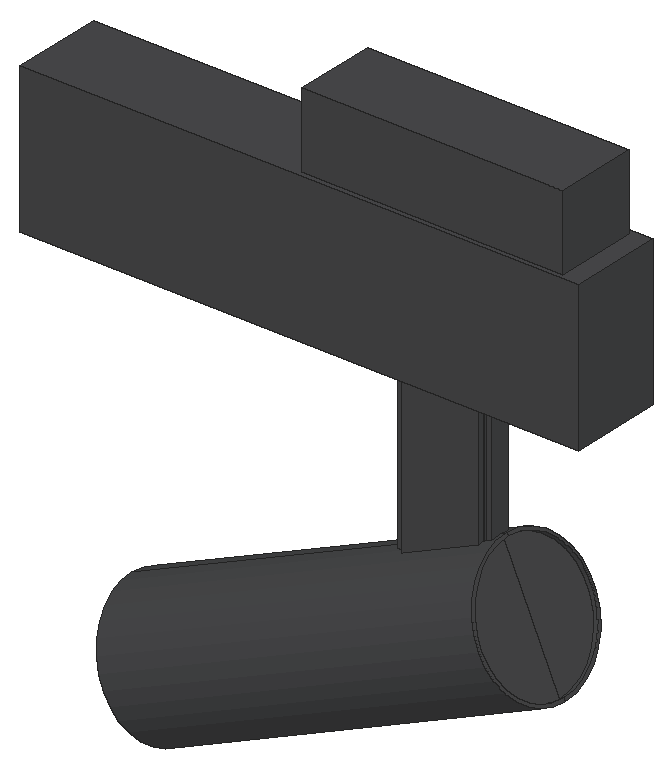
Revit family "DTM15N.1.24", category Luminarias, Revit 2019
Family settings
  Cota de conector redondo = Diámetro de uso
  Tipo de pieza = Normal
  Se basa en plano de trabajo = Sí
  Siempre vertical = Sí
  Corte con vacíos al cargar = No
  Origen de luz = Sí
  Compartido = No
  Punto de cálculo de habitación = No
Parameters (values of type "SPOT RIEL_DTM15N.1.24")
  Ángulo de inclinación = 60.00°
  Zone [instance] = ""
  Watt per fixture = 13.8
  Wattage = 13.8 W
  built-in parameter 1150107 = 4000 (stored number, unit not read)
  built-in parameter 1150110 = 1 (stored number, unit not read)
  built-in parameter 1150109 = 1 (stored number, unit not read)
  built-in parameter 1150112 = 1 (stored number, unit not read)
  built-in parameter 1150113 = 1 (stored number, unit not read)
  built-in parameter 1114218 = 1 (stored number, unit not read)
  Keynote = ""
  built-in parameter 1150137 = (empty or 0)
  built-in parameter 1150132 = (empty or 0)
  Modelo = "DTM15N.1.24"
  Lámpara = "CITIZEN"
  built-in parameter 1150105 = 81.265 (stored number, unit not read)
  built-in parameter 1150102 = (empty or 0)
  built-in parameter 1150106 = 0.81265 (stored number, unit not read)
  Lumens = 1021.2 lm
  Color Filter = 16777215
  built-in parameter 1114217 = 1 (stored number, unit not read)
  built-in parameter 1150139 = (empty or 0)
  Fabricante = "BRILLANT"
  Default Elevation = 1219.2 mm
  built-in parameter 1150104 = 6.8748 (stored number, unit not read)
  Descripción = "LUMINARIA DIRIGIBLE TIPO PUNTUAL DE UN CABEZAL COMPATIBLE CON RIEL DE 6 ENTRADAS Y 3 CIRCUITOS, CUERPO DE ALUMINIO ACABADO EN COLOR NEGRO, IP 20, PESO 0.84Kg, TIPO DE LED CITIZEN CON 13.8W TOTAL, 1024 LUMENES, 74LM/W, IRC 90, TEMPERATURA EN BLANCO FRIO 4000K, 50 MIL HORAS DE VIDA PROMEDIO, APERTURA DE 24 GRADOS EN STOCK, ALIMENTADO A 90-277V/50-60Hz"
  built-in parameter 1150115 = 1 (stored number, unit not read)
  built-in parameter 1150114 = 1 (stored number, unit not read)
  Comentarios de vataje = "90-277V"
  built-in parameter 1150138 = (empty or 0)
  built-in parameter 1150134 = 12
  Circuit [instance] = ""
  Dimming Lamp Color Temperature Shift = (empty or 0)
  Archivo de red fotométrica = "TL36-15W-840-B-24_IESNA95.IES"
  built-in parameter 1150133 = 10 (stored number, unit not read)
Types (3, lengths in mm): name | built-in parameter 1150107 | Modelo | Descripción | built-in parameter 1150134 | Archivo de red fotométrica
  SPOT RIEL_DTM15U.1.24 | 2700 (stored number, unit not read) | "DTM15U.1.24" | "LUMINARIA DIRIGIBLE TIPO PUNTUAL DE UN CABEZAL COMPATIBLE CON RIEL DE 6 ENTRADAS Y 3 CIRCUITOS, CUERPO DE ALUMINIO ACABADO EN COLOR NEGRO, IP 20, PESO 0.84Kg, TIPO DE LED CITIZEN CON 13.8W TOTAL, 1024 LUMENES, 74LM/W, IRC 90, TEMPERATURA EN BLANCO CALIDO 2700K, 50 MIL HORAS DE VIDA PROMEDIO, APERTURA DE 24 GRADOS EN STOCK, ALIMENTADO A 90-277V/50-60Hz" | (empty or 0) | "generic"
  SPOT RIEL_DTM15U.1.16 | 2700 (stored number, unit not read) | "DTM15U.1.16" | "LUMINARIA DIRIGIBLE TIPO PUNTUAL DE UN CABEZAL COMPATIBLE CON RIEL DE 6 ENTRADAS Y 3 CIRCUITOS, CUERPO DE ALUMINIO ACABADO EN COLOR NEGRO, IP 20, PESO 0.84Kg, TIPO DE LED CITIZEN CON 13.8W TOTAL, 1024 LUMENES, 74LM/W, IRC 90, TEMPERATURA EN BLANCO CALIDO 2700K, 50 MIL HORAS DE VIDA PROMEDIO, APERTURA DE 16 GRADOS POR PROYECTO, ALIMENTADO A 90-277V/50-60Hz" | (empty or 0) | "generic"
  SPOT RIEL_DTM15N.1.24 | 4000 (stored number, unit not read) | "DTM15N.1.24" | "LUMINARIA DIRIGIBLE TIPO PUNTUAL DE UN CABEZAL COMPATIBLE CON RIEL DE 6 ENTRADAS Y 3 CIRCUITOS, CUERPO DE ALUMINIO ACABADO EN COLOR NEGRO, IP 20, PESO 0.84Kg, TIPO DE LED CITIZEN CON 13.8W TOTAL, 1024 LUMENES, 74LM/W, IRC 90, TEMPERATURA EN BLANCO FRIO 4000K, 50 MIL HORAS DE VIDA PROMEDIO, APERTURA DE 24 GRADOS EN STOCK, ALIMENTADO A 90-277V/50-60Hz" | 12 | "TL36-15W-840-B-24_IESNA95.IES"
Reference planes
  plane 1 "Centro (Frontal/Posterior)": y = 0
  plane 2: z = 0
  plane 3 "Centro (Izquierda/Derecha)": x = 0
Forms (mm)
  Extrusion 1, solid, material "Default Form"
    sketch origin (0, 0, 0) x (1, 0, 0) y (0, 0, 1)
      loop
        line (-120.5, 0) -> (-120.5, -64) -> (120.5, -64) -> (120.5, 0) -> (-120.5, 0)
    from -20 to 20
  Extrusion 2, solid
    sketch origin (0, 0, 0) x (0, 1, 0) y (0, 0, 1)
      loop
        line (-7.273, 1.74) -> (7.273, 1.74) -> (7.273, 0) -> (15.231, 0) -> (17.006, 4.494) -> (15.021, 4.494) -> (14.058, 5.868) -> (14.058, 7.166) -> (6.473, 7.166) -> (6.473, 9.324) -> (10.169, 10.163) -> (10.169, 12.464) -> (6.473, 13.302) -> (6.473, 16.66) -> (10.169, 17.499) -> (10.169, 19.8) -> (6.473, 20.638) -> (6.473, 25.016) -> (13.839, 25.016) -> (14.514, 24.341) -> (15.775, 24.341) -> (15.775, 27.171) -> (14.73, 27.171) -> (14.058, 26.499) -> (6.473, 26.499) -> (6.473, 27.299) -> (12.377, 27.299) -> (12.377, 31.471) -> (-2.744, 31.471) -> (-2.744, 30.671) -> (-5.514, 30.671) -> (-5.514, 31.471) -> (-12.377, 31.471) -> (-12.377, 27.299) -> (-6.473, 27.299) -> (-6.473, 26.499) -> (-14.058, 26.499) -> (-14.73, 27.171) -> (-15.775, 27.171) -> (-15.775, 24.341) -> (-14.514, 24.341) -> (-13.839, 25.016) -> (-6.473, 25.016) -> (-6.473, 20.638) -> (-10.169, 19.8) -> (-10.169, 17.499) -> (-6.473, 16.66) -> (-6.473, 13.302) -> (-10.169, 12.464) -> (-10.169, 10.163) -> (-6.473, 9.324) -> (-6.473, 7.166) -> (-14.058, 7.166) -> (-14.058, 5.868) -> (-15.021, 4.494) -> (-17.006, 4.494) -> (-15.231, 0) -> (-7.273, 0) -> (-7.273, 1.74)
    from 0 to 111.256
  Revolve 3, solid, material "Default Form"
    sketch origin (-53.809, 0, -47.247) x (0.913545, 0, 0.406737) y (-0.406737, 0, 0.913545)
      loop
        line (-90.696, -178.651) -> (-90.696, -181.199) -> (86.304, -181.199) -> (86.304, -179.827) -> (84.235, -179.827) -> (84.235, -150.199) -> (-76.941, -150.199) -> (-76.941, -178.651) -> (-90.696, -178.651)
      axis (86.304, -150.199) -> (-90.696, -150.199)
    angle from 0 to 360
  Extrusion 4, solid, material "Default Form"
    sketch origin (-2.5, 0, 0) x (1, 0, 0) y (0, 1, 0)
      loop
        line (36.186, 6.873) -> (36.186, 4.211) -> (35.401, 4.211) -> (35.401, 2.934) -> (34.55, 2.934) -> (34.55, 4.211) -> (32.462, 4.211) -> (32.462, -4.55) -> (34.55, -4.55) -> (34.55, -3.273) -> (35.401, -3.273) -> (35.401, -4.55) -> (36.186, -4.55) -> (36.186, -6.873) -> (69.522, -6.873) -> (69.522, -4.55) -> (70.306, -4.55) -> (70.306, -3.273) -> (71.158, -3.273) -> (71.158, -4.55) -> (73.245, -4.55) -> (73.245, 4.211) -> (71.158, 4.211) -> (71.158, 2.934) -> (70.306, 2.934) -> (70.306, 4.211) -> (69.522, 4.211) -> (69.522, 6.873) -> (36.186, 6.873)
    from -140.263 to -64
  Extrusion 5, solid, material "Default Form"
    sketch origin (0, 0, 0) x (1, 0, 0) y (0, 1, 0)
      loop
        line (111.256, 17.006) -> (0, 17.006) -> (0, -17.006) -> (111.256, -17.006) -> (111.256, 17.006)
      loop
        line (112.056, 17.806) -> (-0.8, 17.806) -> (-0.8, -17.806) -> (112.056, -17.806) -> (112.056, 17.806)
    from 0 to 31.471
  Extrusion 6, solid, material "Default Form"
    sketch origin (0, 0, 0) x (1, 0, 0) y (0, 1, 0)
      loop
        line (-0.8, 17.806) -> (-0.8, -17.806) -> (112.056, -17.806) -> (112.056, 17.806) -> (-0.8, 17.806)
    from 31.471 to 32.429
Cuts and joins
  joined: Extrusion 5, Extrusion 6
Dimensions and locks
  equal spacing: Extrusion 1, plane 1 "Centro (Frontal/Posterior)", Extrusion 1
  Extrusion 1 to plane 1 "Centro (Frontal/Posterior)" = 20 mm
  Extrusion 1 to Extrusion 1 = 40 mm
  Extrusion 1 to Extrusion 1 = 64 mm
  aligned and locked: level to plane 2
Automatic sketch dimensions
  Extrusion 1 sketch curve to level = 0 mm
  Extrusion 1 sketch curve to plane 3 "Centro (Izquierda/Derecha)" = 120.5 mm
  plane 3 "Centro (Izquierda/Derecha)" to Extrusion 1 sketch curve = 120.5 mm
  Extrusion 1 sketch curve to level = 64 mm
  Extrusion 2 sketch curve to Extrusion 2 sketch curve = 1.231 mm
  Extrusion 2 sketch curve to Extrusion 2 sketch curve = 1.775 mm
  Extrusion 2 sketch curve to Extrusion 2 sketch curve = 1.985 mm  (x2)
  Extrusion 2 sketch curve to Extrusion 2 sketch curve = 1.045 mm
  Extrusion 2 sketch curve to Extrusion 2 sketch curve = 1.261 mm  (x2)
  Extrusion 2 sketch curve to Extrusion 2 sketch curve = 0.963 mm  (x2)
  Extrusion 2 sketch curve to Extrusion 2 sketch curve = 0.672 mm  (x4)
  Extrusion 2 sketch curve to Extrusion 2 sketch curve = 0.675 mm  (x2)
  Extrusion 2 sketch curve to Extrusion 2 sketch curve = 1.682 mm
  Extrusion 2 sketch curve to Extrusion 2 sketch curve = 3.89 mm  (x2)
  Extrusion 2 sketch curve to Extrusion 2 sketch curve = 0 mm  (x4)
  Extrusion 2 sketch curve to Extrusion 2 sketch curve = 7.958 mm
  Extrusion 2 sketch curve to Extrusion 2 sketch curve = 5.904 mm  (x2)
  Extrusion 2 sketch curve to Extrusion 2 sketch curve = 3.696 mm  (x5)
  Extrusion 2 sketch curve to Extrusion 2 sketch curve = 0.959 mm
  Extrusion 2 sketch curve to Extrusion 2 sketch curve = 2.77 mm
  Extrusion 2 sketch curve to Extrusion 2 sketch curve = 12.946 mm
  level to Extrusion 2 sketch curve = 9.324 mm
  Extrusion 2 sketch curve to Extrusion 2 sketch curve = 0.8 mm  (x4)
  level to Extrusion 2 sketch curve = 10.163 mm
  Extrusion 2 sketch curve to Extrusion 2 sketch curve = 1.462 mm
  Extrusion 2 sketch curve to Extrusion 2 sketch curve = 0.22 mm
  level to Extrusion 2 sketch curve = 5.868 mm
  Extrusion 2 sketch curve to level = 0 mm  (x2)
  Extrusion 2 sketch curve to Extrusion 2 sketch curve = 0.21 mm
  level to Extrusion 2 sketch curve = 4.494 mm
  Extrusion 2 sketch curve to Extrusion 2 sketch curve = 4.494 mm
  Extrusion 2 sketch curve to Extrusion 2 sketch curve = 1.375 mm
  Extrusion 2 sketch curve to Extrusion 2 sketch curve = 1.298 mm  (x2)
  Extrusion 2 sketch curve to Extrusion 2 sketch curve = 2.158 mm
  Extrusion 2 sketch curve to Extrusion 2 sketch curve = 0.839 mm  (x7)
  Extrusion 2 sketch curve to Extrusion 2 sketch curve = 2.301 mm  (x4)
  Extrusion 2 sketch curve to Extrusion 2 sketch curve = 3.358 mm  (x2)
  Extrusion 2 sketch curve to Extrusion 2 sketch curve = 4.541 mm  (x2)
  Extrusion 2 sketch curve to Extrusion 2 sketch curve = 4.378 mm  (x2)
  Extrusion 2 sketch curve to Extrusion 2 sketch curve = 1.483 mm  (x2)
  Extrusion 2 sketch curve to Extrusion 2 sketch curve = 3.372 mm
  Extrusion 2 sketch curve to Extrusion 2 sketch curve = 4.172 mm
  Extrusion 2 sketch curve to Extrusion 2 sketch curve = 1.74 mm
  plane 1 "Centro (Frontal/Posterior)" to Extrusion 2 sketch curve = 17.006 mm
  Revolve 3 sketch curve to plane 3 "Centro (Izquierda/Derecha)" = 62.963 mm
  Revolve 3 sketch curve to level = 249.67 mm
  Revolve 3 sketch curve to Revolve 3 sketch curve = 13.755 mm
  Revolve 3 sketch curve to Revolve 3 sketch curve = 161.175 mm
  Revolve 3 sketch curve to Revolve 3 sketch curve = 2.069 mm
  Revolve 3 sketch curve to Revolve 3 sketch curve = 1.372 mm
  Revolve 3 sketch curve to Revolve 3 sketch curve = 2.548 mm
  Revolve 3 sketch curve to Revolve 3 sketch curve = 29.628 mm
  Revolve 3 sketch curve to Revolve 3 sketch curve = 23.825 mm
  Revolve 3 sketch curve to Revolve 3 sketch curve = 0 mm  (x2)
  Extrusion 5 sketch curve to plane 3 "Centro (Izquierda/Derecha)" = 0 mm
  plane 1 "Centro (Frontal/Posterior)" to Extrusion 5 sketch curve = 17.006 mm
  plane 3 "Centro (Izquierda/Derecha)" to Extrusion 5 sketch curve = 111.256 mm
  Extrusion 5 sketch curve to plane 1 "Centro (Frontal/Posterior)" = 17.006 mm
  Extrusion 5 sketch curve to Extrusion 5 sketch curve = 0.8 mm  (x3)
  Extrusion 5 sketch curve to plane 3 "Centro (Izquierda/Derecha)" = 0.8 mm
  Extrusion 6 sketch curve to plane 3 "Centro (Izquierda/Derecha)" = 0.8 mm
  plane 1 "Centro (Frontal/Posterior)" to Extrusion 6 sketch curve = 17.806 mm
  plane 3 "Centro (Izquierda/Derecha)" to Extrusion 6 sketch curve = 112.056 mm
  Extrusion 6 sketch curve to plane 1 "Centro (Frontal/Posterior)" = 17.806 mm
  plane 1 "Centro (Frontal/Posterior)" to Extrusion 4 sketch curve = 4.55 mm
  plane 3 "Centro (Izquierda/Derecha)" to Extrusion 4 sketch curve = 29.962 mm
  Extrusion 4 sketch curve to Extrusion 4 sketch curve = 2.088 mm  (x3)
  Extrusion 4 sketch curve to Extrusion 4 sketch curve = 0.851 mm  (x4)
  Extrusion 4 sketch curve to Extrusion 4 sketch curve = 0.785 mm  (x4)
  Extrusion 4 sketch curve to plane 1 "Centro (Frontal/Posterior)" = 4.211 mm
  Extrusion 4 sketch curve to Extrusion 4 sketch curve = 33.336 mm
  Extrusion 4 sketch curve to Extrusion 4 sketch curve = 0 mm  (x5)
  plane 1 "Centro (Frontal/Posterior)" to Extrusion 4 sketch curve = 6.873 mm
  Extrusion 4 sketch curve to Extrusion 4 sketch curve = 2.323 mm
  Extrusion 4 sketch curve to Extrusion 4 sketch curve = 1.277 mm  (x4)
  Extrusion 4 sketch curve to plane 1 "Centro (Frontal/Posterior)" = 2.934 mm
  Extrusion 4 sketch curve to Extrusion 4 sketch curve = 2.662 mm
